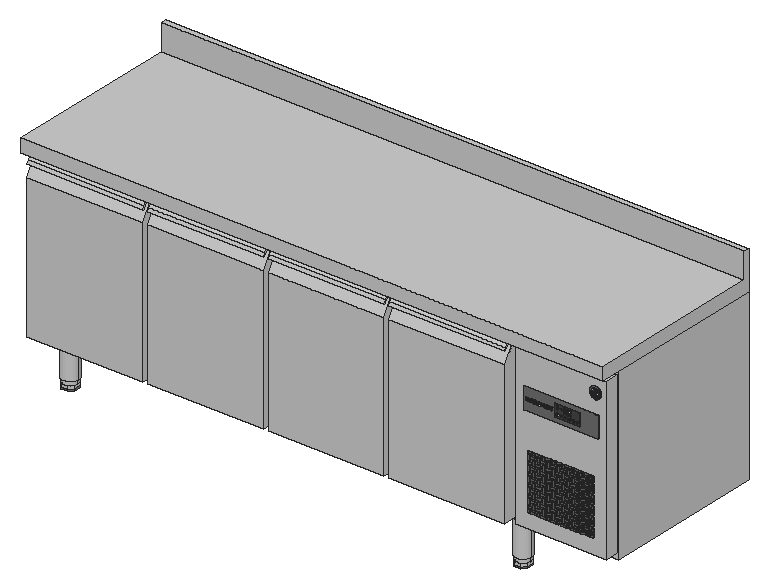
Revit family "QF_HOSHIZAKI_899040844", category Specialty Equipment, Revit 2016
Family settings
  Part Type = Normal
  Round Connector Dimension = Use Diameter
  OmniClass Number = 23.40.40.14
  OmniClass Title = Food Service Equipment
  Work Plane-Based = No
  Always vertical = Yes
  Cut with Voids When Loaded = No
  Shared = No
  Room Calculation Point = No
Parameters (values of type "899040844_230V-1Ph-50Hz")
  Weight = 161.00 kg
  Volts = 230 V
  URL Cutsheet = ""
  URL = "www.hoshizaki-europe.com"
  Status [instance] = ""
  Specification by User [instance] = ""
  Specification by Manufacturer [instance] = ""
  Serial Number = ""
  Seismic Rating = ""
  SMACNA No = ""
  Revision Code [instance] = ""
  Phase = 1
  Number of Poles = 2
  NAFEM Spec ID Number = ""
  Model = "ACF-225DG-LLRR-RRS-L1"
  Min Ckt Ampacity = 0 A
  Max Overcurrent Protection = 0 A
  Masterspec = ""
  Manufacturer = "HOSHIZAKI"
  Length Actual = 2246 mm
  Item Number [instance] = ""
  Installed By [instance] = ""
  Identify Quantity as Lot [instance] = no
  Height Actual = 830 mm
  HP power = ""
  Furnished By [instance] = ""
  Foodservice Equipment Identifier [instance] = yes
  FL Amps = 3.26 A
  Electric power = 752 W
  Electric Connection Type [instance] = ""
  Elec Conn RI Height [instance] = 0 mm
  Elec Conn Connection Height [instance] = 200 mm
  Description = "ADVANCE 4-SECTION 1/1 GN FREEZER COUNTER WITH 4 DOORS AND A FLAT WORKTOP WITH 100 MM SPLASHBACK"
  Depth Actual = 700 mm
  Cycle = 50 Hz
  Cost = 0
  Conn Plug = ""
  Conn Conduit = no
  CSI MasterFormat = ""
  Assembly Code = "E1090320"
  Apparent Power = 752 VA
  Accessory = no
Reference planes
  plane 1 "Center (Front/Back)": y = 0
  plane 2: z = 0
  plane 3 "Center (Left/Right)": x = 0
Forms (mm)
  Extrusion 1, solid, not visible
    sketch origin (1999, -17, 399) x (1, 0, 0) y (0, 1, 0)
      loop
        line (0, 0) -> (2, 0) -> (2, 2) -> (0, 2) -> (0, 0)
    from 0 to 2
Dimensions and locks
  aligned and locked: level to plane 2
Nested families
  nested 1: "QF_HOSHIZAKI_899040844_230V_1Ph_50Hz" at (0, 0, 200), type "899040844_230V/1Ph/50Hz"
    with Show Logo yes, Length Actual 2246 mm, Height Actual 650 mm, Depth Actual 700 mm, Compressor offset 1890 mm, Compressor location 1
  nested 2: "QF_HOSHIZAKI_ADVANCE_REF-COUNTER-WORKTOPS" at (0, 0, 850), type "760660206"
    with Worktop thickness 50 mm, Length Actual 2246 mm, Depth Actual 700 mm, Backsplash thickness 20 mm, Backsplash height 100 mm
  nested 3: "QF_HOSHIZAKI_ADVANCE_REF-COUNTER-DOORS-DRAWERS" at (22, -700, 200), type "760660485-R"
    with Weight 0.00 kg, URL Cutsheet "", Status "", Specification by User "", Specification by Manufacturer "", Serial Number "", Seismic Rating "", Section size 446 mm, Section 1, SMACNA No "", Right hand hinged glass door no, Right hand hinged door no, Revision Code "", NAFEM Spec ID Number "", Masterspec "", Length Actual 0 mm, Left hand hinged glass door no, Left hand hinged door yes, Item Number "", Installed By "", Identify Quantity as Lot no, Height Actual 0 mm, Furnished By "", Foodservice Equipment Identifier no, Depth Actual 0 mm, CSI MasterFormat "", Accessory yes, 3 Drawers no, 2 Drawers 1-3 and 2-3 no, 2 Drawers no
  nested 4: "QF_HOSHIZAKI_ADVANCE_REF-COUNTER-DOORS-DRAWERS" at (488, -700, 200), type "760660485-R"
    with Weight 0.00 kg, URL Cutsheet "", Status "", Specification by User "", Specification by Manufacturer "", Serial Number "", Seismic Rating "", Section size 446 mm, Section 2, SMACNA No "", Right hand hinged glass door no, Right hand hinged door yes, Revision Code "", NAFEM Spec ID Number "", Masterspec "", Length Actual 0 mm, Left hand hinged glass door no, Left hand hinged door no, Item Number "", Installed By "", Identify Quantity as Lot no, Height Actual 0 mm, Furnished By "", Foodservice Equipment Identifier no, Depth Actual 0 mm, CSI MasterFormat "", Accessory yes, 3 Drawers no, 2 Drawers 1-3 and 2-3 no, 2 Drawers no
  nested 5: "QF_HOSHIZAKI_ADVANCE_REF-COUNTER-DOORS-DRAWERS" at (952, -700, 200), type "760660485-R"
    with Weight 0.00 kg, URL Cutsheet "", Status "", Specification by User "", Specification by Manufacturer "", Serial Number "", Seismic Rating "", Section size 446 mm, Section 1, SMACNA No "", Right hand hinged glass door no, Right hand hinged door no, Revision Code "", NAFEM Spec ID Number "", Masterspec "", Length Actual 0 mm, Left hand hinged glass door no, Left hand hinged door yes, Item Number "", Installed By "", Identify Quantity as Lot no, Height Actual 0 mm, Furnished By "", Foodservice Equipment Identifier no, Depth Actual 0 mm, CSI MasterFormat "", Accessory yes, 3 Drawers no, 2 Drawers 1-3 and 2-3 no, 2 Drawers no
  nested 6: "QF_HOSHIZAKI_ADVANCE_REF-COUNTER-DOORS-DRAWERS" at (1416, -700, 200), type "760660485-R"
    with Weight 0.00 kg, URL Cutsheet "", Status "", Specification by User "", Specification by Manufacturer "", Serial Number "", Seismic Rating "", Section size 446 mm, Section 2, SMACNA No "", Right hand hinged glass door no, Right hand hinged door yes, Revision Code "", NAFEM Spec ID Number "", Masterspec "", Length Actual 0 mm, Left hand hinged glass door no, Left hand hinged door no, Item Number "", Installed By "", Identify Quantity as Lot no, Height Actual 0 mm, Furnished By "", Foodservice Equipment Identifier no, Depth Actual 0 mm, CSI MasterFormat "", Accessory yes, 3 Drawers no, 2 Drawers 1-3 and 2-3 no, 2 Drawers no
  nested 7: "QF_HOSHIZAKI_ADVANCE_REF-COUNTER-LEGS" at (0, 0, 0), type "760660117-4"
    with Weight 0.00 kg, URL Cutsheet "", Status "", Specification by User "", Specification by Manufacturer "", Serial Number "", Seismic Rating "", SMACNA No "", Revision Code "", NAFEM Spec ID Number "", Masterspec "", Length Actual 2246 mm, Legs inset right 430 mm, Legs inset rear 70 mm, Legs inset left 70 mm, Legs inset front 153 mm, Item Number "", Installed By "", Identify Quantity as Lot no, Height Actual 200 mm, Furnished By "", Foodservice Equipment Identifier no, Depth Actual 700 mm, Central Legs no, CSI MasterFormat "", Accessory yes
Connectors
  electrical at (2000, -15, 400), driven by "Apparent Power", driven by "Number of Poles", driven by "Volts"
    settings: on Extrusion 1, index 1, voltage 230 V, apparent load 0 VA, apparent load phase1 752 VA, apparent load phase2 0 VA, apparent load phase3 0 VA, power factor 1, load classification "Other", number of poles 2, system type 31, power factor state 1, is connector primary yes, connector utility no, sub classification motor no, connector description "Electric connection for '899040844' [Plug not included]"
Definition of nested family "QF_HOSHIZAKI_899040844_230V_1Ph_50Hz"
  Parameters (values of type "899040844_230V/1Ph/50Hz")
    URL = "www.hoshizaki-europe.com"
    Show Logo [instance] = yes
    Model = "ACF-225DG-LLRR-RRS-L1"
    Manufacturer = "HOSHIZAKI"
    Length Actual [instance] = 2246 mm
    Height Actual [instance] = 650 mm
    Description = "ADVANCE 4-SECTION 1/1 GN FREEZER COUNTER WITH 4 DOORS AND A FLAT WORKTOP WITH 100 MM SPLASHBACK"
    Depth Actual [instance] = 700 mm
    Compressor offset [instance] = if(Compressor location = 1, Length Actual - 356 mm, if(Compressor location = 2, 7 mm, Length Actual - 356 mm))  # 1890 mm
    Compressor location [instance] = 1
    Author = "SPECIFI"
    Assembly Code = "E1090320"
  Types (24, lengths in mm): name | Model | Length Actual | Description | Compressor offset
    899000840 | "ACF-130DG-LR-RRC-L1" | 1314 | "ADVANCE 2-SECTION 1/1 GN FREEZER COUNTER WITH 2 DOORS AND A FLAT WORKTOP" | 958
    899000844 | "ACF-130DG-LR-RRS-L1" | 1314 | "ADVANCE 2-SECTION 1/1 GN FREEZER COUNTER WITH 2 DOORS AND A FLAT WORKTOP WITH 100 MM SPLASHBACK" | 958
    899000861 | "ACF-130DG-LR-RRC-C1-U" | 1314 | "ADVANCE 2-SECTION 1/1 GN FREEZER COUNTER WITH 2 DOORS AND A FLAT WORKTOP" | 958
    899000865 | "ACF-130DG-LR-RRS-C1-U" | 1314 | "ADVANCE 2-SECTION 1/1 GN FREEZER COUNTER WITH 2 DOORS AND A FLAT WORKTOP WITH 100 MM SPLASHBACK" | 958
    899000842 | "ACF-130DG-LR-RRC-L2" | 1314 | "ADVANCE 2-SECTION 1/1 GN FREEZER COUNTER WITH 2 DOORS AND A FLAT WORKTOP" | 958
    899000846 | "ACF-130DG-LR-RRS-L2" | 1314 | "ADVANCE 2-SECTION 1/1 GN FREEZER COUNTER WITH 2 DOORS AND A FLAT WORKTOP WITH 100 MM SPLASHBACK" | 958
    899000822 | "ACF-130DG-LR-CRC-L2" | 1314 | "ADVANCE 2-SECTION 1/1 GN FREEZER COUNTER WITH 2 DOORS AND A FLAT WORKTOP" | 958
    899000826 | "ACF-130DG-LR-CRS-L2" | 1314 | "ADVANCE 2-SECTION 1/1 GN FREEZER COUNTER WITH 2 DOORS AND A FLAT WORKTOP WITH 100 MM SPLASHBACK" | 958
    899020840 | "ACF-180DG-LRR-RRC-L1" | 1780 | "ADVANCE 3-SECTION 1/1 GN FREEZER COUNTER WITH 3 DOORS AND A FLAT WORKTOP" | 1424
    899020844 | "ACF-180DG-LRR-RRS-L1" | 1780 | "ADVANCE 3-SECTION 1/1 GN FREEZER COUNTER WITH 3 DOORS AND A FLAT WORKTOP WITH 100 MM SPLASHBACK" | 1424
    899020861 | "ACF-180DG-LRR-RRC-C1-U" | 1780 | "ADVANCE 3-SECTION 1/1 GN FREEZER COUNTER WITH 3 DOORS AND A FLAT WORKTOP" | 1424
    899020865 | "ACF-180DG-LRR-RRS-C1-U" | 1780 | "ADVANCE 3-SECTION 1/1 GN FREEZER COUNTER WITH 3 DOORS AND A FLAT WORKTOP WITH 100 MM SPLASHBACK" | 1424
    899020842 | "ACF-180DG-LRR-RRC-L2" | 1780 | "ADVANCE 3-SECTION 1/1 GN FREEZER COUNTER WITH 3 DOORS AND A FLAT WORKTOP" | 1424
    899020846 | "ACF-180DG-LRR-RRS-L2" | 1780 | "ADVANCE 3-SECTION 1/1 GN FREEZER COUNTER WITH 3 DOORS AND A FLAT WORKTOP WITH 100 MM SPLASHBACK" | 1424
    899020823 | "ACF-180DG-LRR-CRC-L2" | 1780 | "ADVANCE 3-SECTION 1/1 GN FREEZER COUNTER WITH 3 DOORS AND A FLAT WORKTOP" | 1424
    899020827 | "ACF-180DG-LRR-CRS-L2" | 1780 | "ADVANCE 3-SECTION 1/1 GN FREEZER COUNTER WITH 3 DOORS AND A FLAT WORKTOP WITH 100 MM SPLASHBACK" | 1424
    899040840 | "ACF-225DG-LLRR-RRC-L1" | 2246 | "ADVANCE 4-SECTION 1/1 GN FREEZER COUNTER WITH 4 DOORS AND A FLAT WORKTOP" | 1890
    899040844_230V/1Ph/50Hz | "ACF-225DG-LLRR-RRS-L1" | 2246 | "ADVANCE 4-SECTION 1/1 GN FREEZER COUNTER WITH 4 DOORS AND A FLAT WORKTOP WITH 100 MM SPLASHBACK" | 1890
    899040861 | "ACF-225DG-LLRR-RRC-C1-U" | 2246 | "ADVANCE 4-SECTION 1/1 GN FREEZER COUNTER WITH 4 DOORS AND A FLAT WORKTOP" | 1890
    899040865 | "ACF-225DG-LLRR-RRS-C1-U" | 2246 | "ADVANCE 4-SECTION 1/1 GN FREEZER COUNTER WITH 4 DOORS AND A FLAT WORKTOP WITH 100 MM SPLASHBACK" | 1890
    899040842 | "ACF-225DG-LLRR-RRC-L2" | 2246 | "ADVANCE 4-SECTION 1/1 GN FREEZER COUNTER WITH 4 DOORS AND A FLAT WORKTOP" | 1890
    899040846 | "ACF-225DG-LLRR-RRS-L2" | 2246 | "ADVANCE 4-SECTION 1/1 GN FREEZER COUNTER WITH 4 DOORS AND A FLAT WORKTOP WITH 100 MM SPLASHBACK" | 1890
    899040822 | "ACF-225DG-LLRR-CRC-L2" | 2246 | "ADVANCE 4-SECTION 1/1 GN FREEZER COUNTER WITH 4 DOORS AND A FLAT WORKTOP" | 1890
    899040826 | "ACF-225DG-LLRR-CRS-L2" | 2246 | "ADVANCE 4-SECTION 1/1 GN FREEZER COUNTER WITH 4 DOORS AND A FLAT WORKTOP WITH 100 MM SPLASHBACK" | 1890
  Reference planes
    plane 1 "Back": y = 0
    plane 2: z = 0
    plane 3 "Left": x = 0
    plane 4 "Right": x = 2246
    plane 5 "Front": y = -700
    plane 6 "Top": z = 650
    plane 7 "Front legs": y = -624.512
    plane 8 "Compressor dimension": x = 2246
    plane 9 "Compressor offset": x = 1890
  Forms (mm)
    Extrusion 1, solid
      sketch origin (0, 0, 0) x (0, 1, 0) y (0, 0, 1)
        loop
          line (0, 650) -> (-624.512, 650) -> (-624.512, 0) -> (0, 0) -> (0, 650)
      from 0 to 2246
    Extrusion 2, solid
      sketch origin (1890, 0, 0) x (0, -1, 0) y (0, 0, 1)
        loop
          line (624.512, 634) -> (624.512, 20) -> (674.54, 20) -> (674.54, 634) -> (624.512, 634)
      from 0 to -349
  Lines and regions (mm)
    symbolic lines
      curve 1: line (0, 0, 650) -> (2246, 0, 650)
      curve 2: line (0, -700, 650) -> (0, 0, 650)
      curve 3: line (2246, -700, 650) -> (0, -700, 650)
      curve 4: line (2246, 0, 650) -> (2246, -700, 650)
  Dimensions and locks
    "Length Actual": plane 3 "Left" to plane 4 "Right"
    "Depth Actual": plane 5 "Front" to plane 1 "Back"
    plane 7 "Front legs" to plane 5 "Front" = 75.488 mm
    "Compressor offset": plane 3 "Left" to plane 9 "Compressor offset"
    locked: plane 9 "Compressor offset" to plane 8 "Compressor dimension" at 356
    plane 6 "Top" to level = 650 mm
    aligned and locked: level to plane 2
    aligned and locked: plane 1 "Back" to Extrusion 1 sketch curve
    aligned and locked: plane 7 "Front legs" to Extrusion 1 sketch curve
    aligned and locked: Extrusion 1 to plane 4 "Right"
    aligned and locked: plane 7 "Front legs" to Extrusion 2 sketch curve
    aligned and locked: nested 1 to plane 5 "Front"
    aligned and locked: nested 1 to plane 9 "Compressor offset"
    aligned and locked: Extrusion 1 sketch curve to plane 6 "Top"
    aligned and locked: plane 2 to Extrusion 1 sketch curve
    aligned and locked: plane 1 "Back" to curve 1
    aligned and locked: plane 5 "Front" to curve 3
    aligned and locked: plane 4 "Right" to curve 4
    aligned and locked: plane 3 "Left" to curve 2
  Automatic sketch dimensions
    plane 5 "Front" to Extrusion 2 sketch curve = 25.46 mm
    level to Extrusion 2 sketch curve = 20 mm
    Extrusion 2 sketch curve to plane 6 "Top" = 16 mm
  Nested families
    nested 1: "Control-panel" at (1890, -700, 0), Show Logo <- "Show Logo", type "Control-panel"
      with Show Logo yes
  Definition of nested family "Control-panel"
    Parameters (values of type "Control-panel")
      Show Logo [instance] = yes
    Reference planes
      plane 1 "Center (Front/Back)": y = 0
      plane 2: z = 0
      plane 3 "Center (Left/Right)": x = 0
      plane 4: z = 650
    Forms (mm)
      Extrusion 1, solid
        sketch origin (-3653, 19.5, -135) x (-1, 0, 0) y (0, 0, 1)
          loop
            arc (-3941, 426) -> (-3944.5, 422.5) -> (-3941, 419) r 3.5
            line (-3941, 419) -> (-3923, 419)
            arc (-3923, 419) -> (-3919.5, 422.5) -> (-3923, 426) r 3.5
            line (-3923, 426) -> (-3941, 426)
          loop
            arc (-3903, 426) -> (-3906.5, 422.5) -> (-3903, 419) r 3.5
            line (-3903, 419) -> (-3885, 419)
            arc (-3885, 419) -> (-3881.5, 422.5) -> (-3885, 426) r 3.5
            line (-3885, 426) -> (-3903, 426)
          loop
            arc (-3865, 426) -> (-3868.5, 422.5) -> (-3865, 419) r 3.5
            line (-3865, 419) -> (-3847, 419)
            arc (-3847, 419) -> (-3843.5, 422.5) -> (-3847, 426) r 3.5
            line (-3847, 426) -> (-3865, 426)
          loop
            arc (-3827, 426) -> (-3830.5, 422.5) -> (-3827, 419) r 3.5
            line (-3827, 419) -> (-3809, 419)
            arc (-3809, 419) -> (-3805.5, 422.5) -> (-3809, 426) r 3.5
            line (-3809, 426) -> (-3827, 426)
          loop
            arc (-3789, 426) -> (-3792.5, 422.5) -> (-3789, 419) r 3.5
            line (-3789, 419) -> (-3771, 419)
            arc (-3771, 419) -> (-3767.5, 422.5) -> (-3771, 426) r 3.5
            line (-3771, 426) -> (-3789, 426)
          loop
            arc (-3751, 426) -> (-3754.5, 422.5) -> (-3751, 419) r 3.5
            line (-3751, 419) -> (-3733, 419)
            arc (-3733, 419) -> (-3729.5, 422.5) -> (-3733, 426) r 3.5
            line (-3733, 426) -> (-3751, 426)
          loop
            arc (-3713, 426) -> (-3716.5, 422.5) -> (-3713, 419) r 3.5
            line (-3713, 419) -> (-3704, 419)
            arc (-3704, 419) -> (-3700.5, 422.5) -> (-3704, 426) r 3.5
            line (-3704, 426) -> (-3713, 426)
          loop
            arc (-3948, 422) -> (-3951, 425) -> (-3954, 422) r 3
            line (-3954, 422) -> (-3954, 413)
            arc (-3954, 413) -> (-3951, 410) -> (-3948, 413) r 3
            line (-3948, 413) -> (-3948, 422)
          loop
            line (-3938.025, 416.51) -> (-3945.025, 416.51) -> (-3945.025, 409.51) -> (-3938.025, 409.51) -> (-3938.025, 416.51)
          loop
            line (-3919.025, 416.51) -> (-3926.025, 416.51) -> (-3926.025, 409.51) -> (-3919.025, 409.51) -> (-3919.025, 416.51)
          loop
            arc (-3910, 422) -> (-3913, 425) -> (-3916, 422) r 3
            line (-3916, 422) -> (-3916, 413)
            arc (-3916, 413) -> (-3913, 410) -> (-3910, 413) r 3
            line (-3910, 413) -> (-3910, 422)
          loop
            line (-3900.025, 416.51) -> (-3907.025, 416.51) -> (-3907.025, 409.51) -> (-3900.025, 409.51) -> (-3900.025, 416.51)
          loop
            line (-3881.025, 416.51) -> (-3888.025, 416.51) -> (-3888.025, 409.51) -> (-3881.025, 409.51) -> (-3881.025, 416.51)
          loop
            arc (-3872, 422) -> (-3875, 425) -> (-3878, 422) r 3
            line (-3878, 422) -> (-3878, 413)
            arc (-3878, 413) -> (-3875, 410) -> (-3872, 413) r 3
            line (-3872, 413) -> (-3872, 422)
          loop
            line (-3862.025, 416.51) -> (-3869.025, 416.51) -> (-3869.025, 409.51) -> (-3862.025, 409.51) -> (-3862.025, 416.51)
          loop
            line (-3843.025, 416.51) -> (-3850.025, 416.51) -> (-3850.025, 409.51) -> (-3843.025, 409.51) -> (-3843.025, 416.51)
          loop
            arc (-3834, 422) -> (-3837, 425) -> (-3840, 422) r 3
            line (-3840, 422) -> (-3840, 413)
            arc (-3840, 413) -> (-3837, 410) -> (-3834, 413) r 3
            line (-3834, 413) -> (-3834, 422)
          loop
            line (-3824.025, 416.51) -> (-3831.025, 416.51) -> (-3831.025, 409.51) -> (-3824.025, 409.51) -> (-3824.025, 416.51)
          loop
            line (-3805.025, 416.51) -> (-3812.025, 416.51) -> (-3812.025, 409.51) -> (-3805.025, 409.51) -> (-3805.025, 416.51)
          loop
            arc (-3796, 422) -> (-3799, 425) -> (-3802, 422) r 3
            line (-3802, 422) -> (-3802, 413)
            arc (-3802, 413) -> (-3799, 410) -> (-3796, 413) r 3
            line (-3796, 413) -> (-3796, 422)
          loop
            line (-3786.025, 416.51) -> (-3793.025, 416.51) -> (-3793.025, 409.51) -> (-3786.025, 409.51) -> (-3786.025, 416.51)
          loop
            line (-3767.025, 416.51) -> (-3774.025, 416.51) -> (-3774.025, 409.51) -> (-3767.025, 409.51) -> (-3767.025, 416.51)
          loop
            arc (-3758, 422) -> (-3761, 425) -> (-3764, 422) r 3
            line (-3764, 422) -> (-3764, 413)
            arc (-3764, 413) -> (-3761, 410) -> (-3758, 413) r 3
            line (-3758, 413) -> (-3758, 422)
          loop
            line (-3748.025, 416.51) -> (-3755.025, 416.51) -> (-3755.025, 409.51) -> (-3748.025, 409.51) -> (-3748.025, 416.51)
          loop
            line (-3729.025, 416.51) -> (-3736.025, 416.51) -> (-3736.025, 409.51) -> (-3729.025, 409.51) -> (-3729.025, 416.51)
          loop
            arc (-3720, 422) -> (-3723, 425) -> (-3726, 422) r 3
            line (-3726, 422) -> (-3726, 413)
            arc (-3726, 413) -> (-3723, 410) -> (-3720, 413) r 3
            line (-3720, 413) -> (-3720, 422)
          loop
            line (-3710.025, 416.51) -> (-3717.025, 416.51) -> (-3717.025, 409.51) -> (-3710.025, 409.51) -> (-3710.025, 416.51)
          loop
            line (-3935.5, 412.5) -> (-3935.5, 394.5)
            arc (-3935.5, 394.5) -> (-3932, 391) -> (-3928.5, 394.5) r 3.5
            line (-3928.5, 394.5) -> (-3928.5, 412.5)
            arc (-3928.5, 412.5) -> (-3932, 416) -> (-3935.5, 412.5) r 3.5
          loop
            line (-3897.5, 412.5) -> (-3897.5, 394.5)
            arc (-3897.5, 394.5) -> (-3894, 391) -> (-3890.5, 394.5) r 3.5
            line (-3890.5, 394.5) -> (-3890.5, 412.5)
            arc (-3890.5, 412.5) -> (-3894, 416) -> (-3897.5, 412.5) r 3.5
          loop
            line (-3859.5, 412.5) -> (-3859.5, 394.5)
            arc (-3859.5, 394.5) -> (-3856, 391) -> (-3852.5, 394.5) r 3.5
            line (-3852.5, 394.5) -> (-3852.5, 412.5)
            arc (-3852.5, 412.5) -> (-3856, 416) -> (-3859.5, 412.5) r 3.5
          loop
            line (-3821.5, 412.5) -> (-3821.5, 394.5)
            arc (-3821.5, 394.5) -> (-3818, 391) -> (-3814.5, 394.5) r 3.5
            line (-3814.5, 394.5) -> (-3814.5, 412.5)
            arc (-3814.5, 412.5) -> (-3818, 416) -> (-3821.5, 412.5) r 3.5
          loop
            line (-3783.5, 412.5) -> (-3783.5, 394.5)
            arc (-3783.5, 394.5) -> (-3780, 391) -> (-3776.5, 394.5) r 3.5
            line (-3776.5, 394.5) -> (-3776.5, 412.5)
            arc (-3776.5, 412.5) -> (-3780, 416) -> (-3783.5, 412.5) r 3.5
          loop
            line (-3745.5, 412.5) -> (-3745.5, 394.5)
            arc (-3745.5, 394.5) -> (-3742, 391) -> (-3738.5, 394.5) r 3.5
            line (-3738.5, 394.5) -> (-3738.5, 412.5)
            arc (-3738.5, 412.5) -> (-3742, 416) -> (-3745.5, 412.5) r 3.5
          loop
            line (-3707.5, 412.5) -> (-3707.5, 394.5)
            arc (-3707.5, 394.5) -> (-3704, 391) -> (-3700.5, 394.5) r 3.5
            line (-3700.5, 394.5) -> (-3700.5, 412.5)
            arc (-3700.5, 412.5) -> (-3704, 416) -> (-3707.5, 412.5) r 3.5
          loop
            arc (-3922, 407) -> (-3925.5, 403.5) -> (-3922, 400) r 3.5
            line (-3922, 400) -> (-3904, 400)
            arc (-3904, 400) -> (-3900.5, 403.5) -> (-3904, 407) r 3.5
            line (-3904, 407) -> (-3922, 407)
          loop
            arc (-3884, 407) -> (-3887.5, 403.5) -> (-3884, 400) r 3.5
            line (-3884, 400) -> (-3866, 400)
            arc (-3866, 400) -> (-3862.5, 403.5) -> (-3866, 407) r 3.5
            line (-3866, 407) -> (-3884, 407)
          loop
            arc (-3846, 407) -> (-3849.5, 403.5) -> (-3846, 400) r 3.5
            line (-3846, 400) -> (-3828, 400)
            arc (-3828, 400) -> (-3824.5, 403.5) -> (-3828, 407) r 3.5
            line (-3828, 407) -> (-3846, 407)
          loop
            arc (-3808, 407) -> (-3811.5, 403.5) -> (-3808, 400) r 3.5
            line (-3808, 400) -> (-3790, 400)
            arc (-3790, 400) -> (-3786.5, 403.5) -> (-3790, 407) r 3.5
            line (-3790, 407) -> (-3808, 407)
          loop
            arc (-3770, 407) -> (-3773.5, 403.5) -> (-3770, 400) r 3.5
            line (-3770, 400) -> (-3752, 400)
            arc (-3752, 400) -> (-3748.5, 403.5) -> (-3752, 407) r 3.5
            line (-3752, 407) -> (-3770, 407)
          loop
            arc (-3732, 407) -> (-3735.5, 403.5) -> (-3732, 400) r 3.5
            line (-3732, 400) -> (-3714, 400)
            arc (-3714, 400) -> (-3710.5, 403.5) -> (-3714, 407) r 3.5
            line (-3714, 407) -> (-3732, 407)
          loop
            line (-3938.025, 390.49) -> (-3938.025, 397.49) -> (-3945.025, 397.49) -> (-3945.025, 390.49) -> (-3938.025, 390.49)
          loop
            line (-3919.025, 390.49) -> (-3919.025, 397.49) -> (-3926.025, 397.49) -> (-3926.025, 390.49) -> (-3919.025, 390.49)
          loop
            line (-3900.025, 390.49) -> (-3900.025, 397.49) -> (-3907.025, 397.49) -> (-3907.025, 390.49) -> (-3900.025, 390.49)
          loop
            line (-3881.025, 390.49) -> (-3881.025, 397.49) -> (-3888.025, 397.49) -> (-3888.025, 390.49) -> (-3881.025, 390.49)
          loop
            line (-3862.025, 390.49) -> (-3862.025, 397.49) -> (-3869.025, 397.49) -> (-3869.025, 390.49) -> (-3862.025, 390.49)
          loop
            line (-3843.025, 390.49) -> (-3843.025, 397.49) -> (-3850.025, 397.49) -> (-3850.025, 390.49) -> (-3843.025, 390.49)
          loop
            line (-3824.025, 390.49) -> (-3824.025, 397.49) -> (-3831.025, 397.49) -> (-3831.025, 390.49) -> (-3824.025, 390.49)
          loop
            line (-3805.025, 390.49) -> (-3805.025, 397.49) -> (-3812.025, 397.49) -> (-3812.025, 390.49) -> (-3805.025, 390.49)
          loop
            line (-3786.025, 390.49) -> (-3786.025, 397.49) -> (-3793.025, 397.49) -> (-3793.025, 390.49) -> (-3786.025, 390.49)
          loop
            line (-3767.025, 390.49) -> (-3767.025, 397.49) -> (-3774.025, 397.49) -> (-3774.025, 390.49) -> (-3767.025, 390.49)
          loop
            line (-3748.025, 390.49) -> (-3748.025, 397.49) -> (-3755.025, 397.49) -> (-3755.025, 390.49) -> (-3748.025, 390.49)
          loop
            line (-3729.025, 390.49) -> (-3729.025, 397.49) -> (-3736.025, 397.49) -> (-3736.025, 390.49) -> (-3729.025, 390.49)
          loop
            line (-3710.025, 390.49) -> (-3710.025, 397.49) -> (-3717.025, 397.49) -> (-3717.025, 390.49) -> (-3710.025, 390.49)
          loop
            arc (-3719.5, 393.5) -> (-3723, 397) -> (-3726.5, 393.5) r 3.5
            line (-3726.5, 393.5) -> (-3726.5, 375.5)
            arc (-3726.5, 375.5) -> (-3723, 372) -> (-3719.5, 375.5) r 3.5
            line (-3719.5, 375.5) -> (-3719.5, 393.5)
          loop
            arc (-3757.5, 393.5) -> (-3761, 397) -> (-3764.5, 393.5) r 3.5
            line (-3764.5, 393.5) -> (-3764.5, 375.5)
            arc (-3764.5, 375.5) -> (-3761, 372) -> (-3757.5, 375.5) r 3.5
            line (-3757.5, 375.5) -> (-3757.5, 393.5)
          loop
            arc (-3795.5, 393.5) -> (-3799, 397) -> (-3802.5, 393.5) r 3.5
            line (-3802.5, 393.5) -> (-3802.5, 375.5)
            arc (-3802.5, 375.5) -> (-3799, 372) -> (-3795.5, 375.5) r 3.5
            line (-3795.5, 375.5) -> (-3795.5, 393.5)
          loop
            arc (-3833.5, 393.5) -> (-3837, 397) -> (-3840.5, 393.5) r 3.5
            line (-3840.5, 393.5) -> (-3840.5, 375.5)
            arc (-3840.5, 375.5) -> (-3837, 372) -> (-3833.5, 375.5) r 3.5
            line (-3833.5, 375.5) -> (-3833.5, 393.5)
          loop
            arc (-3871.5, 393.5) -> (-3875, 397) -> (-3878.5, 393.5) r 3.5
            line (-3878.5, 393.5) -> (-3878.5, 375.5)
            arc (-3878.5, 375.5) -> (-3875, 372) -> (-3871.5, 375.5) r 3.5
            line (-3871.5, 375.5) -> (-3871.5, 393.5)
          loop
            arc (-3909.5, 393.5) -> (-3913, 397) -> (-3916.5, 393.5) r 3.5
            line (-3916.5, 393.5) -> (-3916.5, 375.5)
            arc (-3916.5, 375.5) -> (-3913, 372) -> (-3909.5, 375.5) r 3.5
            line (-3909.5, 375.5) -> (-3909.5, 393.5)
          loop
            arc (-3951, 406.5) -> (-3954, 403.5) -> (-3951, 400.5) r 3
            line (-3951, 400.5) -> (-3942, 400.5)
            arc (-3942, 400.5) -> (-3939, 403.5) -> (-3942, 406.5) r 3
            line (-3942, 406.5) -> (-3951, 406.5)
          loop
            arc (-3947.5, 393.5) -> (-3951, 397) -> (-3954.5, 393.5) r 3.5
            line (-3954.5, 393.5) -> (-3954.5, 375.5)
            arc (-3954.5, 375.5) -> (-3951, 372) -> (-3947.5, 375.5) r 3.5
            line (-3947.5, 375.5) -> (-3947.5, 393.5)
          loop
            arc (-3941, 388.51) -> (-3944.5, 385.01) -> (-3941, 381.51) r 3.5
            line (-3941, 381.51) -> (-3923, 381.51)
            arc (-3923, 381.51) -> (-3919.5, 385.01) -> (-3923, 388.51) r 3.5
            line (-3923, 388.51) -> (-3941, 388.51)
          loop
            arc (-3903, 388.51) -> (-3906.5, 385.01) -> (-3903, 381.51) r 3.5
            line (-3903, 381.51) -> (-3885, 381.51)
            arc (-3885, 381.51) -> (-3881.5, 385.01) -> (-3885, 388.51) r 3.5
            line (-3885, 388.51) -> (-3903, 388.51)
          loop
            arc (-3865, 388.51) -> (-3868.5, 385.01) -> (-3865, 381.51) r 3.5
            line (-3865, 381.51) -> (-3847, 381.51)
            arc (-3847, 381.51) -> (-3843.5, 385.01) -> (-3847, 388.51) r 3.5
            line (-3847, 388.51) -> (-3865, 388.51)
          loop
            arc (-3827, 388.51) -> (-3830.5, 385.01) -> (-3827, 381.51) r 3.5
            line (-3827, 381.51) -> (-3809, 381.51)
            arc (-3809, 381.51) -> (-3805.5, 385.01) -> (-3809, 388.51) r 3.5
            line (-3809, 388.51) -> (-3827, 388.51)
          loop
            arc (-3789, 388.51) -> (-3792.5, 385.01) -> (-3789, 381.51) r 3.5
            line (-3789, 381.51) -> (-3771, 381.51)
            arc (-3771, 381.51) -> (-3767.5, 385.01) -> (-3771, 388.51) r 3.5
            line (-3771, 388.51) -> (-3789, 388.51)
          loop
            arc (-3751, 388.51) -> (-3754.5, 385.01) -> (-3751, 381.51) r 3.5
            line (-3751, 381.51) -> (-3733, 381.51)
            arc (-3733, 381.51) -> (-3729.5, 385.01) -> (-3733, 388.51) r 3.5
            line (-3733, 388.51) -> (-3751, 388.51)
          loop
            arc (-3713, 388.51) -> (-3716.5, 385.01) -> (-3713, 381.51) r 3.5
            line (-3713, 381.51) -> (-3704, 381.51)
            arc (-3704, 381.51) -> (-3700.5, 385.01) -> (-3704, 388.51) r 3.5
            line (-3704, 388.51) -> (-3713, 388.51)
          loop
            line (-3938.025, 379.02) -> (-3945.025, 379.02) -> (-3945.025, 372.02) -> (-3938.025, 372.02) -> (-3938.025, 379.02)
          loop
            line (-3919.025, 379.02) -> (-3926.025, 379.02) -> (-3926.025, 372.02) -> (-3919.025, 372.02) -> (-3919.025, 379.02)
          loop
            line (-3900.025, 379.02) -> (-3907.025, 379.02) -> (-3907.025, 372.02) -> (-3900.025, 372.02) -> (-3900.025, 379.02)
          loop
            line (-3881.025, 379.02) -> (-3888.025, 379.02) -> (-3888.025, 372.02) -> (-3881.025, 372.02) -> (-3881.025, 379.02)
          loop
            line (-3862.025, 379.02) -> (-3869.025, 379.02) -> (-3869.025, 372.02) -> (-3862.025, 372.02) -> (-3862.025, 379.02)
          loop
            line (-3843.025, 379.02) -> (-3850.025, 379.02) -> (-3850.025, 372.02) -> (-3843.025, 372.02) -> (-3843.025, 379.02)
          loop
            line (-3824.025, 379.02) -> (-3831.025, 379.02) -> (-3831.025, 372.02) -> (-3824.025, 372.02) -> (-3824.025, 379.02)
          loop
            line (-3805.025, 379.02) -> (-3812.025, 379.02) -> (-3812.025, 372.02) -> (-3805.025, 372.02) -> (-3805.025, 379.02)
          loop
            line (-3786.025, 379.02) -> (-3793.025, 379.02) -> (-3793.025, 372.02) -> (-3786.025, 372.02) -> (-3786.025, 379.02)
          loop
            line (-3767.025, 379.02) -> (-3774.025, 379.02) -> (-3774.025, 372.02) -> (-3767.025, 372.02) -> (-3767.025, 379.02)
          loop
            line (-3748.025, 379.02) -> (-3755.025, 379.02) -> (-3755.025, 372.02) -> (-3748.025, 372.02) -> (-3748.025, 379.02)
          loop
            line (-3729.025, 379.02) -> (-3736.025, 379.02) -> (-3736.025, 372.02) -> (-3729.025, 372.02) -> (-3729.025, 379.02)
          loop
            line (-3710.025, 379.02) -> (-3717.025, 379.02) -> (-3717.025, 372.02) -> (-3710.025, 372.02) -> (-3710.025, 379.02)
          loop
            line (-3935.5, 375.01) -> (-3935.5, 357.01)
            arc (-3935.5, 357.01) -> (-3932, 353.51) -> (-3928.5, 357.01) r 3.5
            line (-3928.5, 357.01) -> (-3928.5, 375.01)
            arc (-3928.5, 375.01) -> (-3932, 378.51) -> (-3935.5, 375.01) r 3.5
          loop
            line (-3897.5, 375.01) -> (-3897.5, 357.01)
            arc (-3897.5, 357.01) -> (-3894, 353.51) -> (-3890.5, 357.01) r 3.5
            line (-3890.5, 357.01) -> (-3890.5, 375.01)
            arc (-3890.5, 375.01) -> (-3894, 378.51) -> (-3897.5, 375.01) r 3.5
          loop
            line (-3859.5, 375.01) -> (-3859.5, 357.01)
            arc (-3859.5, 357.01) -> (-3856, 353.51) -> (-3852.5, 357.01) r 3.5
            line (-3852.5, 357.01) -> (-3852.5, 375.01)
            arc (-3852.5, 375.01) -> (-3856, 378.51) -> (-3859.5, 375.01) r 3.5
          loop
            line (-3821.5, 375.01) -> (-3821.5, 357.01)
            arc (-3821.5, 357.01) -> (-3818, 353.51) -> (-3814.5, 357.01) r 3.5
            line (-3814.5, 357.01) -> (-3814.5, 375.01)
            arc (-3814.5, 375.01) -> (-3818, 378.51) -> (-3821.5, 375.01) r 3.5
          loop
            line (-3783.5, 375.01) -> (-3783.5, 357.01)
            arc (-3783.5, 357.01) -> (-3780, 353.51) -> (-3776.5, 357.01) r 3.5
            line (-3776.5, 357.01) -> (-3776.5, 375.01)
            arc (-3776.5, 375.01) -> (-3780, 378.51) -> (-3783.5, 375.01) r 3.5
          loop
            line (-3745.5, 375.01) -> (-3745.5, 357.01)
            arc (-3745.5, 357.01) -> (-3742, 353.51) -> (-3738.5, 357.01) r 3.5
            line (-3738.5, 357.01) -> (-3738.5, 375.01)
            arc (-3738.5, 375.01) -> (-3742, 378.51) -> (-3745.5, 375.01) r 3.5
          loop
            line (-3707.5, 375.01) -> (-3707.5, 357.01)
            arc (-3707.5, 357.01) -> (-3704, 353.51) -> (-3700.5, 357.01) r 3.5
            line (-3700.5, 357.01) -> (-3700.5, 375.01)
            arc (-3700.5, 375.01) -> (-3704, 378.51) -> (-3707.5, 375.01) r 3.5
          loop
            arc (-3922, 369.51) -> (-3925.5, 366.01) -> (-3922, 362.51) r 3.5
            line (-3922, 362.51) -> (-3904, 362.51)
            arc (-3904, 362.51) -> (-3900.5, 366.01) -> (-3904, 369.51) r 3.5
            line (-3904, 369.51) -> (-3922, 369.51)
          loop
            arc (-3884, 369.51) -> (-3887.5, 366.01) -> (-3884, 362.51) r 3.5
            line (-3884, 362.51) -> (-3866, 362.51)
            arc (-3866, 362.51) -> (-3862.5, 366.01) -> (-3866, 369.51) r 3.5
            line (-3866, 369.51) -> (-3884, 369.51)
          loop
            arc (-3846, 369.51) -> (-3849.5, 366.01) -> (-3846, 362.51) r 3.5
            line (-3846, 362.51) -> (-3828, 362.51)
            arc (-3828, 362.51) -> (-3824.5, 366.01) -> (-3828, 369.51) r 3.5
            line (-3828, 369.51) -> (-3846, 369.51)
          loop
            arc (-3808, 369.51) -> (-3811.5, 366.01) -> (-3808, 362.51) r 3.5
            line (-3808, 362.51) -> (-3790, 362.51)
            arc (-3790, 362.51) -> (-3786.5, 366.01) -> (-3790, 369.51) r 3.5
            line (-3790, 369.51) -> (-3808, 369.51)
          loop
            arc (-3770, 369.51) -> (-3773.5, 366.01) -> (-3770, 362.51) r 3.5
            line (-3770, 362.51) -> (-3752, 362.51)
            arc (-3752, 362.51) -> (-3748.5, 366.01) -> (-3752, 369.51) r 3.5
            line (-3752, 369.51) -> (-3770, 369.51)
          loop
            arc (-3732, 369.51) -> (-3735.5, 366.01) -> (-3732, 362.51) r 3.5
            line (-3732, 362.51) -> (-3714, 362.51)
            arc (-3714, 362.51) -> (-3710.5, 366.01) -> (-3714, 369.51) r 3.5
            line (-3714, 369.51) -> (-3732, 369.51)
          loop
            line (-3938.025, 353) -> (-3938.025, 360) -> (-3945.025, 360) -> (-3945.025, 353) -> (-3938.025, 353)
          loop
            line (-3919.025, 353) -> (-3919.025, 360) -> (-3926.025, 360) -> (-3926.025, 353) -> (-3919.025, 353)
          loop
            line (-3900.025, 353) -> (-3900.025, 360) -> (-3907.025, 360) -> (-3907.025, 353) -> (-3900.025, 353)
          loop
            line (-3881.025, 353) -> (-3881.025, 360) -> (-3888.025, 360) -> (-3888.025, 353) -> (-3881.025, 353)
          loop
            line (-3862.025, 353) -> (-3862.025, 360) -> (-3869.025, 360) -> (-3869.025, 353) -> (-3862.025, 353)
          loop
            line (-3843.025, 353) -> (-3843.025, 360) -> (-3850.025, 360) -> (-3850.025, 353) -> (-3843.025, 353)
          loop
            line (-3824.025, 353) -> (-3824.025, 360) -> (-3831.025, 360) -> (-3831.025, 353) -> (-3824.025, 353)
          loop
            line (-3805.025, 353) -> (-3805.025, 360) -> (-3812.025, 360) -> (-3812.025, 353) -> (-3805.025, 353)
          loop
            line (-3786.025, 353) -> (-3786.025, 360) -> (-3793.025, 360) -> (-3793.025, 353) -> (-3786.025, 353)
          loop
            line (-3767.025, 353) -> (-3767.025, 360) -> (-3774.025, 360) -> (-3774.025, 353) -> (-3767.025, 353)
          loop
            line (-3748.025, 353) -> (-3748.025, 360) -> (-3755.025, 360) -> (-3755.025, 353) -> (-3748.025, 353)
          loop
            line (-3729.025, 353) -> (-3729.025, 360) -> (-3736.025, 360) -> (-3736.025, 353) -> (-3729.025, 353)
          loop
            line (-3710.025, 353) -> (-3710.025, 360) -> (-3717.025, 360) -> (-3717.025, 353) -> (-3710.025, 353)
          loop
            arc (-3719.5, 356.01) -> (-3723, 359.51) -> (-3726.5, 356.01) r 3.5
            line (-3726.5, 356.01) -> (-3726.5, 338.01)
            arc (-3726.5, 338.01) -> (-3723, 334.51) -> (-3719.5, 338.01) r 3.5
            line (-3719.5, 338.01) -> (-3719.5, 356.01)
          loop
            arc (-3757.5, 356.01) -> (-3761, 359.51) -> (-3764.5, 356.01) r 3.5
            line (-3764.5, 356.01) -> (-3764.5, 338.01)
            arc (-3764.5, 338.01) -> (-3761, 334.51) -> (-3757.5, 338.01) r 3.5
            line (-3757.5, 338.01) -> (-3757.5, 356.01)
          loop
            arc (-3795.5, 356.01) -> (-3799, 359.51) -> (-3802.5, 356.01) r 3.5
            line (-3802.5, 356.01) -> (-3802.5, 338.01)
            arc (-3802.5, 338.01) -> (-3799, 334.51) -> (-3795.5, 338.01) r 3.5
            line (-3795.5, 338.01) -> (-3795.5, 356.01)
          loop
            arc (-3833.5, 356.01) -> (-3837, 359.51) -> (-3840.5, 356.01) r 3.5
            line (-3840.5, 356.01) -> (-3840.5, 338.01)
            arc (-3840.5, 338.01) -> (-3837, 334.51) -> (-3833.5, 338.01) r 3.5
            line (-3833.5, 338.01) -> (-3833.5, 356.01)
          loop
            arc (-3871.5, 356.01) -> (-3875, 359.51) -> (-3878.5, 356.01) r 3.5
            line (-3878.5, 356.01) -> (-3878.5, 338.01)
            arc (-3878.5, 338.01) -> (-3875, 334.51) -> (-3871.5, 338.01) r 3.5
            line (-3871.5, 338.01) -> (-3871.5, 356.01)
          loop
            arc (-3909.5, 356.01) -> (-3913, 359.51) -> (-3916.5, 356.01) r 3.5
            line (-3916.5, 356.01) -> (-3916.5, 338.01)
            arc (-3916.5, 338.01) -> (-3913, 334.51) -> (-3909.5, 338.01) r 3.5
            line (-3909.5, 338.01) -> (-3909.5, 356.01)
          loop
            arc (-3951, 369.01) -> (-3954, 366.01) -> (-3951, 363.01) r 3
            line (-3951, 363.01) -> (-3942, 363.01)
            arc (-3942, 363.01) -> (-3939, 366.01) -> (-3942, 369.01) r 3
            line (-3942, 369.01) -> (-3951, 369.01)
          loop
            arc (-3947.5, 356.01) -> (-3951, 359.51) -> (-3954.5, 356.01) r 3.5
            line (-3954.5, 356.01) -> (-3954.5, 338.01)
            arc (-3954.5, 338.01) -> (-3951, 334.51) -> (-3947.5, 338.01) r 3.5
            line (-3947.5, 338.01) -> (-3947.5, 356.01)
          loop
            arc (-3941, 350.486) -> (-3944.5, 346.986) -> (-3941, 343.486) r 3.5
            line (-3941, 343.486) -> (-3923, 343.486)
            arc (-3923, 343.486) -> (-3919.5, 346.986) -> (-3923, 350.486) r 3.5
            line (-3923, 350.486) -> (-3941, 350.486)
          loop
            arc (-3903, 350.486) -> (-3906.5, 346.986) -> (-3903, 343.486) r 3.5
            line (-3903, 343.486) -> (-3885, 343.486)
            arc (-3885, 343.486) -> (-3881.5, 346.986) -> (-3885, 350.486) r 3.5
            line (-3885, 350.486) -> (-3903, 350.486)
          loop
            arc (-3865, 350.486) -> (-3868.5, 346.986) -> (-3865, 343.486) r 3.5
            line (-3865, 343.486) -> (-3847, 343.486)
            arc (-3847, 343.486) -> (-3843.5, 346.986) -> (-3847, 350.486) r 3.5
            line (-3847, 350.486) -> (-3865, 350.486)
          loop
            arc (-3827, 350.486) -> (-3830.5, 346.986) -> (-3827, 343.486) r 3.5
            line (-3827, 343.486) -> (-3809, 343.486)
            arc (-3809, 343.486) -> (-3805.5, 346.986) -> (-3809, 350.486) r 3.5
            line (-3809, 350.486) -> (-3827, 350.486)
          loop
            arc (-3789, 350.486) -> (-3792.5, 346.986) -> (-3789, 343.486) r 3.5
            line (-3789, 343.486) -> (-3771, 343.486)
            arc (-3771, 343.486) -> (-3767.5, 346.986) -> (-3771, 350.486) r 3.5
            line (-3771, 350.486) -> (-3789, 350.486)
          loop
            arc (-3751, 350.486) -> (-3754.5, 346.986) -> (-3751, 343.486) r 3.5
            line (-3751, 343.486) -> (-3733, 343.486)
            arc (-3733, 343.486) -> (-3729.5, 346.986) -> (-3733, 350.486) r 3.5
            line (-3733, 350.486) -> (-3751, 350.486)
          loop
            arc (-3713, 350.486) -> (-3716.5, 346.986) -> (-3713, 343.486) r 3.5
            line (-3713, 343.486) -> (-3704, 343.486)
            arc (-3704, 343.486) -> (-3700.5, 346.986) -> (-3704, 350.486) r 3.5
            line (-3704, 350.486) -> (-3713, 350.486)
          loop
            line (-3938.025, 340.996) -> (-3945.025, 340.996) -> (-3945.025, 333.996) -> (-3938.025, 333.996) -> (-3938.025, 340.996)
          loop
            line (-3919.025, 340.996) -> (-3926.025, 340.996) -> (-3926.025, 333.996) -> (-3919.025, 333.996) -> (-3919.025, 340.996)
          loop
            line (-3900.025, 340.996) -> (-3907.025, 340.996) -> (-3907.025, 333.996) -> (-3900.025, 333.996) -> (-3900.025, 340.996)
          loop
            line (-3881.025, 340.996) -> (-3888.025, 340.996) -> (-3888.025, 333.996) -> (-3881.025, 333.996) -> (-3881.025, 340.996)
          loop
            line (-3862.025, 340.996) -> (-3869.025, 340.996) -> (-3869.025, 333.996) -> (-3862.025, 333.996) -> (-3862.025, 340.996)
          loop
            line (-3843.025, 340.996) -> (-3850.025, 340.996) -> (-3850.025, 333.996) -> (-3843.025, 333.996) -> (-3843.025, 340.996)
          loop
            line (-3824.025, 340.996) -> (-3831.025, 340.996) -> (-3831.025, 333.996) -> (-3824.025, 333.996) -> (-3824.025, 340.996)
          loop
            line (-3805.025, 340.996) -> (-3812.025, 340.996) -> (-3812.025, 333.996) -> (-3805.025, 333.996) -> (-3805.025, 340.996)
          loop
            line (-3786.025, 340.996) -> (-3793.025, 340.996) -> (-3793.025, 333.996) -> (-3786.025, 333.996) -> (-3786.025, 340.996)
          loop
            line (-3767.025, 340.996) -> (-3774.025, 340.996) -> (-3774.025, 333.996) -> (-3767.025, 333.996) -> (-3767.025, 340.996)
          loop
            line (-3748.025, 340.996) -> (-3755.025, 340.996) -> (-3755.025, 333.996) -> (-3748.025, 333.996) -> (-3748.025, 340.996)
          loop
            line (-3729.025, 340.996) -> (-3736.025, 340.996) -> (-3736.025, 333.996) -> (-3729.025, 333.996) -> (-3729.025, 340.996)
          loop
            line (-3710.025, 340.996) -> (-3717.025, 340.996) -> (-3717.025, 333.996) -> (-3710.025, 333.996) -> (-3710.025, 340.996)
          loop
            line (-3935.5, 336.986) -> (-3935.5, 318.986)
            arc (-3935.5, 318.986) -> (-3932, 315.486) -> (-3928.5, 318.986) r 3.5
            line (-3928.5, 318.986) -> (-3928.5, 336.986)
            arc (-3928.5, 336.986) -> (-3932, 340.486) -> (-3935.5, 336.986) r 3.5
          loop
            line (-3897.5, 336.986) -> (-3897.5, 318.986)
            arc (-3897.5, 318.986) -> (-3894, 315.486) -> (-3890.5, 318.986) r 3.5
            line (-3890.5, 318.986) -> (-3890.5, 336.986)
            arc (-3890.5, 336.986) -> (-3894, 340.486) -> (-3897.5, 336.986) r 3.5
          loop
            line (-3859.5, 336.986) -> (-3859.5, 318.986)
            arc (-3859.5, 318.986) -> (-3856, 315.486) -> (-3852.5, 318.986) r 3.5
            line (-3852.5, 318.986) -> (-3852.5, 336.986)
            arc (-3852.5, 336.986) -> (-3856, 340.486) -> (-3859.5, 336.986) r 3.5
          loop
            line (-3821.5, 336.986) -> (-3821.5, 318.986)
            arc (-3821.5, 318.986) -> (-3818, 315.486) -> (-3814.5, 318.986) r 3.5
            line (-3814.5, 318.986) -> (-3814.5, 336.986)
            arc (-3814.5, 336.986) -> (-3818, 340.486) -> (-3821.5, 336.986) r 3.5
          loop
            line (-3783.5, 336.986) -> (-3783.5, 318.986)
            arc (-3783.5, 318.986) -> (-3780, 315.486) -> (-3776.5, 318.986) r 3.5
            line (-3776.5, 318.986) -> (-3776.5, 336.986)
            arc (-3776.5, 336.986) -> (-3780, 340.486) -> (-3783.5, 336.986) r 3.5
          loop
            line (-3745.5, 336.986) -> (-3745.5, 318.986)
            arc (-3745.5, 318.986) -> (-3742, 315.486) -> (-3738.5, 318.986) r 3.5
            line (-3738.5, 318.986) -> (-3738.5, 336.986)
            arc (-3738.5, 336.986) -> (-3742, 340.486) -> (-3745.5, 336.986) r 3.5
          loop
            line (-3707.5, 336.986) -> (-3707.5, 318.986)
            arc (-3707.5, 318.986) -> (-3704, 315.486) -> (-3700.5, 318.986) r 3.5
            line (-3700.5, 318.986) -> (-3700.5, 336.986)
            arc (-3700.5, 336.986) -> (-3704, 340.486) -> (-3707.5, 336.986) r 3.5
          loop
            arc (-3922, 331.486) -> (-3925.5, 327.986) -> (-3922, 324.486) r 3.5
            line (-3922, 324.486) -> (-3904, 324.486)
            arc (-3904, 324.486) -> (-3900.5, 327.986) -> (-3904, 331.486) r 3.5
            line (-3904, 331.486) -> (-3922, 331.486)
          loop
            arc (-3884, 331.486) -> (-3887.5, 327.986) -> (-3884, 324.486) r 3.5
            line (-3884, 324.486) -> (-3866, 324.486)
            arc (-3866, 324.486) -> (-3862.5, 327.986) -> (-3866, 331.486) r 3.5
            line (-3866, 331.486) -> (-3884, 331.486)
          loop
            arc (-3846, 331.486) -> (-3849.5, 327.986) -> (-3846, 324.486) r 3.5
            line (-3846, 324.486) -> (-3828, 324.486)
            arc (-3828, 324.486) -> (-3824.5, 327.986) -> (-3828, 331.486) r 3.5
            line (-3828, 331.486) -> (-3846, 331.486)
          loop
            arc (-3808, 331.486) -> (-3811.5, 327.986) -> (-3808, 324.486) r 3.5
            line (-3808, 324.486) -> (-3790, 324.486)
            arc (-3790, 324.486) -> (-3786.5, 327.986) -> (-3790, 331.486) r 3.5
            line (-3790, 331.486) -> (-3808, 331.486)
          loop
            arc (-3770, 331.486) -> (-3773.5, 327.986) -> (-3770, 324.486) r 3.5
            line (-3770, 324.486) -> (-3752, 324.486)
            arc (-3752, 324.486) -> (-3748.5, 327.986) -> (-3752, 331.486) r 3.5
            line (-3752, 331.486) -> (-3770, 331.486)
          loop
            arc (-3732, 331.486) -> (-3735.5, 327.986) -> (-3732, 324.486) r 3.5
            line (-3732, 324.486) -> (-3714, 324.486)
            arc (-3714, 324.486) -> (-3710.5, 327.986) -> (-3714, 331.486) r 3.5
            line (-3714, 331.486) -> (-3732, 331.486)
          loop
            line (-3938.025, 314.976) -> (-3938.025, 321.976) -> (-3945.025, 321.976) -> (-3945.025, 314.976) -> (-3938.025, 314.976)
          loop
            line (-3919.025, 314.976) -> (-3919.025, 321.976) -> (-3926.025, 321.976) -> (-3926.025, 314.976) -> (-3919.025, 314.976)
          loop
            line (-3900.025, 314.976) -> (-3900.025, 321.976) -> (-3907.025, 321.976) -> (-3907.025, 314.976) -> (-3900.025, 314.976)
          loop
            line (-3881.025, 314.976) -> (-3881.025, 321.976) -> (-3888.025, 321.976) -> (-3888.025, 314.976) -> (-3881.025, 314.976)
          loop
            line (-3862.025, 314.976) -> (-3862.025, 321.976) -> (-3869.025, 321.976) -> (-3869.025, 314.976) -> (-3862.025, 314.976)
          loop
            line (-3843.025, 314.976) -> (-3843.025, 321.976) -> (-3850.025, 321.976) -> (-3850.025, 314.976) -> (-3843.025, 314.976)
          loop
            line (-3824.025, 314.976) -> (-3824.025, 321.976) -> (-3831.025, 321.976) -> (-3831.025, 314.976) -> (-3824.025, 314.976)
          loop
            line (-3805.025, 314.976) -> (-3805.025, 321.976) -> (-3812.025, 321.976) -> (-3812.025, 314.976) -> (-3805.025, 314.976)
          loop
            line (-3786.025, 314.976) -> (-3786.025, 321.976) -> (-3793.025, 321.976) -> (-3793.025, 314.976) -> (-3786.025, 314.976)
          loop
            line (-3767.025, 314.976) -> (-3767.025, 321.976) -> (-3774.025, 321.976) -> (-3774.025, 314.976) -> (-3767.025, 314.976)
          loop
            line (-3748.025, 314.976) -> (-3748.025, 321.976) -> (-3755.025, 321.976) -> (-3755.025, 314.976) -> (-3748.025, 314.976)
          loop
            line (-3729.025, 314.976) -> (-3729.025, 321.976) -> (-3736.025, 321.976) -> (-3736.025, 314.976) -> (-3729.025, 314.976)
          loop
            line (-3710.025, 314.976) -> (-3710.025, 321.976) -> (-3717.025, 321.976) -> (-3717.025, 314.976) -> (-3710.025, 314.976)
          loop
            arc (-3719.5, 317.986) -> (-3723, 321.486) -> (-3726.5, 317.986) r 3.5
            line (-3726.5, 317.986) -> (-3726.5, 299.986)
            arc (-3726.5, 299.986) -> (-3723, 296.486) -> (-3719.5, 299.986) r 3.5
            line (-3719.5, 299.986) -> (-3719.5, 317.986)
          loop
            arc (-3757.5, 317.986) -> (-3761, 321.486) -> (-3764.5, 317.986) r 3.5
            line (-3764.5, 317.986) -> (-3764.5, 299.986)
            arc (-3764.5, 299.986) -> (-3761, 296.486) -> (-3757.5, 299.986) r 3.5
            line (-3757.5, 299.986) -> (-3757.5, 317.986)
          loop
            arc (-3795.5, 317.986) -> (-3799, 321.486) -> (-3802.5, 317.986) r 3.5
            line (-3802.5, 317.986) -> (-3802.5, 299.986)
            arc (-3802.5, 299.986) -> (-3799, 296.486) -> (-3795.5, 299.986) r 3.5
            line (-3795.5, 299.986) -> (-3795.5, 317.986)
          loop
            arc (-3833.5, 317.986) -> (-3837, 321.486) -> (-3840.5, 317.986) r 3.5
            line (-3840.5, 317.986) -> (-3840.5, 299.986)
            arc (-3840.5, 299.986) -> (-3837, 296.486) -> (-3833.5, 299.986) r 3.5
            line (-3833.5, 299.986) -> (-3833.5, 317.986)
          loop
            arc (-3871.5, 317.986) -> (-3875, 321.486) -> (-3878.5, 317.986) r 3.5
            line (-3878.5, 317.986) -> (-3878.5, 299.986)
            arc (-3878.5, 299.986) -> (-3875, 296.486) -> (-3871.5, 299.986) r 3.5
            line (-3871.5, 299.986) -> (-3871.5, 317.986)
          loop
            arc (-3909.5, 317.986) -> (-3913, 321.486) -> (-3916.5, 317.986) r 3.5
            line (-3916.5, 317.986) -> (-3916.5, 299.986)
            arc (-3916.5, 299.986) -> (-3913, 296.486) -> (-3909.5, 299.986) r 3.5
            line (-3909.5, 299.986) -> (-3909.5, 317.986)
          loop
            arc (-3951, 330.986) -> (-3954, 327.986) -> (-3951, 324.986) r 3
            line (-3951, 324.986) -> (-3942, 324.986)
            arc (-3942, 324.986) -> (-3939, 327.986) -> (-3942, 330.986) r 3
            line (-3942, 330.986) -> (-3951, 330.986)
          loop
            arc (-3947.5, 317.986) -> (-3951, 321.486) -> (-3954.5, 317.986) r 3.5
            line (-3954.5, 317.986) -> (-3954.5, 299.986)
            arc (-3954.5, 299.986) -> (-3951, 296.486) -> (-3947.5, 299.986) r 3.5
            line (-3947.5, 299.986) -> (-3947.5, 317.986)
          loop
            arc (-3941, 312.486) -> (-3944.5, 308.986) -> (-3941, 305.486) r 3.5
            line (-3941, 305.486) -> (-3923, 305.486)
            arc (-3923, 305.486) -> (-3919.5, 308.986) -> (-3923, 312.486) r 3.5
            line (-3923, 312.486) -> (-3941, 312.486)
          loop
            arc (-3903, 312.486) -> (-3906.5, 308.986) -> (-3903, 305.486) r 3.5
            line (-3903, 305.486) -> (-3885, 305.486)
            arc (-3885, 305.486) -> (-3881.5, 308.986) -> (-3885, 312.486) r 3.5
            line (-3885, 312.486) -> (-3903, 312.486)
          loop
            arc (-3865, 312.486) -> (-3868.5, 308.986) -> (-3865, 305.486) r 3.5
            line (-3865, 305.486) -> (-3847, 305.486)
            arc (-3847, 305.486) -> (-3843.5, 308.986) -> (-3847, 312.486) r 3.5
            line (-3847, 312.486) -> (-3865, 312.486)
          loop
            arc (-3827, 312.486) -> (-3830.5, 308.986) -> (-3827, 305.486) r 3.5
            line (-3827, 305.486) -> (-3809, 305.486)
            arc (-3809, 305.486) -> (-3805.5, 308.986) -> (-3809, 312.486) r 3.5
            line (-3809, 312.486) -> (-3827, 312.486)
          loop
            arc (-3789, 312.486) -> (-3792.5, 308.986) -> (-3789, 305.486) r 3.5
            line (-3789, 305.486) -> (-3771, 305.486)
            arc (-3771, 305.486) -> (-3767.5, 308.986) -> (-3771, 312.486) r 3.5
            line (-3771, 312.486) -> (-3789, 312.486)
          loop
            arc (-3751, 312.486) -> (-3754.5, 308.986) -> (-3751, 305.486) r 3.5
            line (-3751, 305.486) -> (-3733, 305.486)
            arc (-3733, 305.486) -> (-3729.5, 308.986) -> (-3733, 312.486) r 3.5
            line (-3733, 312.486) -> (-3751, 312.486)
          loop
            arc (-3713, 312.486) -> (-3716.5, 308.986) -> (-3713, 305.486) r 3.5
            line (-3713, 305.486) -> (-3704, 305.486)
            arc (-3704, 305.486) -> (-3700.5, 308.986) -> (-3704, 312.486) r 3.5
            line (-3704, 312.486) -> (-3713, 312.486)
          loop
            line (-3938.025, 302.996) -> (-3945.025, 302.996) -> (-3945.025, 295.996) -> (-3938.025, 295.996) -> (-3938.025, 302.996)
          loop
            line (-3919.025, 302.996) -> (-3926.025, 302.996) -> (-3926.025, 295.996) -> (-3919.025, 295.996) -> (-3919.025, 302.996)
          loop
            line (-3900.025, 302.996) -> (-3907.025, 302.996) -> (-3907.025, 295.996) -> (-3900.025, 295.996) -> (-3900.025, 302.996)
          loop
            line (-3881.025, 302.996) -> (-3888.025, 302.996) -> (-3888.025, 295.996) -> (-3881.025, 295.996) -> (-3881.025, 302.996)
          loop
            line (-3862.025, 302.996) -> (-3869.025, 302.996) -> (-3869.025, 295.996) -> (-3862.025, 295.996) -> (-3862.025, 302.996)
          loop
            line (-3843.025, 302.996) -> (-3850.025, 302.996) -> (-3850.025, 295.996) -> (-3843.025, 295.996) -> (-3843.025, 302.996)
          loop
            line (-3824.025, 302.996) -> (-3831.025, 302.996) -> (-3831.025, 295.996) -> (-3824.025, 295.996) -> (-3824.025, 302.996)
          loop
            line (-3805.025, 302.996) -> (-3812.025, 302.996) -> (-3812.025, 295.996) -> (-3805.025, 295.996) -> (-3805.025, 302.996)
          loop
            line (-3786.025, 302.996) -> (-3793.025, 302.996) -> (-3793.025, 295.996) -> (-3786.025, 295.996) -> (-3786.025, 302.996)
          loop
            line (-3767.025, 302.996) -> (-3774.025, 302.996) -> (-3774.025, 295.996) -> (-3767.025, 295.996) -> (-3767.025, 302.996)
          loop
            line (-3748.025, 302.996) -> (-3755.025, 302.996) -> (-3755.025, 295.996) -> (-3748.025, 295.996) -> (-3748.025, 302.996)
          loop
            line (-3729.025, 302.996) -> (-3736.025, 302.996) -> (-3736.025, 295.996) -> (-3729.025, 295.996) -> (-3729.025, 302.996)
          loop
            line (-3710.025, 302.996) -> (-3717.025, 302.996) -> (-3717.025, 295.996) -> (-3710.025, 295.996) -> (-3710.025, 302.996)
          loop
            line (-3935.5, 298.986) -> (-3935.5, 280.986)
            arc (-3935.5, 280.986) -> (-3932, 277.486) -> (-3928.5, 280.986) r 3.5
            line (-3928.5, 280.986) -> (-3928.5, 298.986)
            arc (-3928.5, 298.986) -> (-3932, 302.486) -> (-3935.5, 298.986) r 3.5
          loop
            line (-3897.5, 298.986) -> (-3897.5, 280.986)
            arc (-3897.5, 280.986) -> (-3894, 277.486) -> (-3890.5, 280.986) r 3.5
            line (-3890.5, 280.986) -> (-3890.5, 298.986)
            arc (-3890.5, 298.986) -> (-3894, 302.486) -> (-3897.5, 298.986) r 3.5
          loop
            line (-3859.5, 298.986) -> (-3859.5, 280.986)
            arc (-3859.5, 280.986) -> (-3856, 277.486) -> (-3852.5, 280.986) r 3.5
            line (-3852.5, 280.986) -> (-3852.5, 298.986)
            arc (-3852.5, 298.986) -> (-3856, 302.486) -> (-3859.5, 298.986) r 3.5
          loop
            line (-3821.5, 298.986) -> (-3821.5, 280.986)
            arc (-3821.5, 280.986) -> (-3818, 277.486) -> (-3814.5, 280.986) r 3.5
            line (-3814.5, 280.986) -> (-3814.5, 298.986)
            arc (-3814.5, 298.986) -> (-3818, 302.486) -> (-3821.5, 298.986) r 3.5
          loop
            line (-3783.5, 298.986) -> (-3783.5, 280.986)
            arc (-3783.5, 280.986) -> (-3780, 277.486) -> (-3776.5, 280.986) r 3.5
            line (-3776.5, 280.986) -> (-3776.5, 298.986)
            arc (-3776.5, 298.986) -> (-3780, 302.486) -> (-3783.5, 298.986) r 3.5
          loop
            line (-3745.5, 298.986) -> (-3745.5, 280.986)
            arc (-3745.5, 280.986) -> (-3742, 277.486) -> (-3738.5, 280.986) r 3.5
            line (-3738.5, 280.986) -> (-3738.5, 298.986)
            arc (-3738.5, 298.986) -> (-3742, 302.486) -> (-3745.5, 298.986) r 3.5
          loop
            line (-3707.5, 298.986) -> (-3707.5, 280.986)
            arc (-3707.5, 280.986) -> (-3704, 277.486) -> (-3700.5, 280.986) r 3.5
            line (-3700.5, 280.986) -> (-3700.5, 298.986)
            arc (-3700.5, 298.986) -> (-3704, 302.486) -> (-3707.5, 298.986) r 3.5
          loop
            arc (-3922, 293.486) -> (-3925.5, 289.986) -> (-3922, 286.486) r 3.5
            line (-3922, 286.486) -> (-3904, 286.486)
            arc (-3904, 286.486) -> (-3900.5, 289.986) -> (-3904, 293.486) r 3.5
            line (-3904, 293.486) -> (-3922, 293.486)
          loop
            arc (-3884, 293.486) -> (-3887.5, 289.986) -> (-3884, 286.486) r 3.5
            line (-3884, 286.486) -> (-3866, 286.486)
            arc (-3866, 286.486) -> (-3862.5, 289.986) -> (-3866, 293.486) r 3.5
            line (-3866, 293.486) -> (-3884, 293.486)
          loop
            arc (-3846, 293.486) -> (-3849.5, 289.986) -> (-3846, 286.486) r 3.5
            line (-3846, 286.486) -> (-3828, 286.486)
            arc (-3828, 286.486) -> (-3824.5, 289.986) -> (-3828, 293.486) r 3.5
            line (-3828, 293.486) -> (-3846, 293.486)
          loop
            arc (-3808, 293.486) -> (-3811.5, 289.986) -> (-3808, 286.486) r 3.5
            line (-3808, 286.486) -> (-3790, 286.486)
            arc (-3790, 286.486) -> (-3786.5, 289.986) -> (-3790, 293.486) r 3.5
            line (-3790, 293.486) -> (-3808, 293.486)
          loop
            arc (-3770, 293.486) -> (-3773.5, 289.986) -> (-3770, 286.486) r 3.5
            line (-3770, 286.486) -> (-3752, 286.486)
            arc (-3752, 286.486) -> (-3748.5, 289.986) -> (-3752, 293.486) r 3.5
            line (-3752, 293.486) -> (-3770, 293.486)
          loop
            arc (-3732, 293.486) -> (-3735.5, 289.986) -> (-3732, 286.486) r 3.5
            line (-3732, 286.486) -> (-3714, 286.486)
            arc (-3714, 286.486) -> (-3710.5, 289.986) -> (-3714, 293.486) r 3.5
            line (-3714, 293.486) -> (-3732, 293.486)
          loop
            line (-3938.025, 276.976) -> (-3938.025, 283.976) -> (-3945.025, 283.976) -> (-3945.025, 276.976) -> (-3938.025, 276.976)
          loop
            line (-3919.025, 276.976) -> (-3919.025, 283.976) -> (-3926.025, 283.976) -> (-3926.025, 276.976) -> (-3919.025, 276.976)
